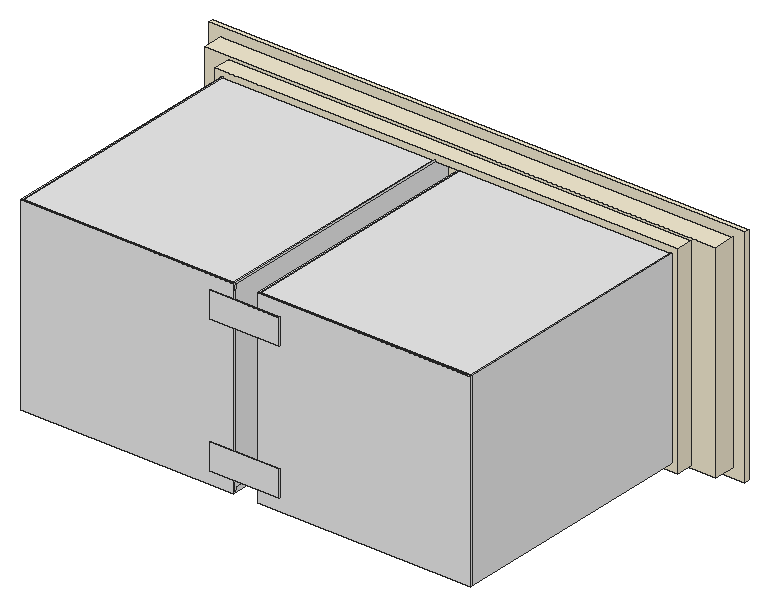
Revit family "Mailboxes_4C-Salsbury_Industries-Front_Load-3_Door_High_Units", category Specialty Equipment, host Wall, Revit 2016
Family settings
  Host = Wall
  Part Type = Normal
  Round Connector Dimension = Use Diameter
  OmniClass Number = 23.40.90.14.11
  OmniClass Title = Mail Boxes
  Always vertical = Yes
  Cut with Voids When Loaded = No
  Shared = No
  Room Calculation Point = No
Parameters (values of type "3703D-04 FL")
  Width = 31.09766"
  URL = "www.mailboxes.com"
  OmniClass 23 Title = "Mail Boxes"
  OmniClass 23 Number = "23.40.90.14.11"
  Visible Door Number [instance] = yes
  Vertical Center Divider = yes
  Version = "3.0 (06/30/17)"
  Type Comments = "4C Standard Horizontal Mailbox - Front Loading"
  Top Back Plate = yes
  Right Inside Wall = yes
  Model = "3703D-04 FL"
  MasterFormat Title = "Postal Specialties"
  MasterFormat Number = "10 55 00"
  Manufacturer = "Salsbury Industries"
  Lock Material = Stainless Steel - Salsbury Finish -  Polished
  Left Inside Wall = yes
  Keynote = ""
  Height = 13.000"
  Front Panel Material [instance] = Paint - Salsbury Finish - Sandstone
  Door Slot R3 Number [instance] = "0"
  Door Slot R3 = 3700 Series 4C OM2 Configuration : OM2-FL
  Door Slot R2 Number [instance] = "0"
  Door Slot R2 = 3700 Series 4C Door Configurations : Empty
  Door Slot R1 Number [instance] = "4"
  Door Slot R1 = 3700 Series 4C Door Configurations : MB1 Door
  Door Slot L3 Number [instance] = "3"
  Door Slot L3 = 3700 Series 4C Door Configurations : MB1 Door w/ Divider
  Door Slot L2 Number [instance] = "2"
  Door Slot L2 = 3700 Series 4C Door Configurations : MB1 Door w/ Divider
  Door Slot L1 Number [instance] = "1"
  Door Slot L1 = 3700 Series 4C Door Configurations : MB1 Door
  Description = "3 Door High Unit:  4 MB1, OM2"
  Depth = 17.025"
  Center Extrusion Offset [instance] = 0.000"
  Bottom Back Plate = yes
  Back Enclosure Material = Aluminum - Salsbury Finish - Anodized
  Assembly Description = "Mailboxes"
  Assembly Code = "C1030910"
  Above Finished Floor (AFF-Bottom of Unit) [instance] = 26.683"
  Above Finished Floor (AFF-Bottom Shelf) [instance] = 28.000"
Reference planes (in)
  plane 1 "Wall Centerline": y = 0
  plane 2 "Center (Left/Right)": x = 0
  plane 3 "Front": y = 3
  plane 4 "15" AFF": z = 28
  plane 5 "28" AFF": z = 28
  plane 6 "36" AFF": z = 36
  plane 7 "48" AFF": z = 48
  plane 8 "Bottom of Unit": z = 26.683
  plane 9 "Top of Unit": z = 39.683
  plane 10 "Left Side of Unit": x = 15.54883
  plane 11 "Right Side of Unit": x = -15.54883
  plane 12 "28" AFF_Bottom of Unit": z = 26.683
  plane 13 "Top Horiz Trim Align": z = 38.85225
  plane 14 "Bottom Horiz Trim Align": z = 27.515
  plane 15 "Left Trim Align": x = 14.716
  plane 16 "Right Trim Align": x = -14.716
  plane 17 "Left Door Align": x = 14.06641
  plane 18 "Right Door Align": x = -14.06641
  plane 19 "Top Horiz Door Align": z = 38.26125
  plane 20 "Bottom Horiz Door Align": z = 28
  plane 21 "Front Face of Unit": y = 3.265
  plane 22 "Top Housing Align": z = 39.179
  plane 23 "Top Collar Align": z = 39.031
  plane 24 "Top Box Align": z = 38.676
  plane 25 "Vertical Housing Align": y = 1.795
  plane 26 "Vertical Collar Align": y = 0.795
  plane 27 "Back of Unit": y = -13.76
  plane 28 "Bottom Housing Align": z = 27.187
  plane 29 "Bottom Collar Align": z = 27.335
  plane 30 "Bottom Box Align": z = 27.75
  plane 31 "Door Alignment": y = 2.66809
  plane 32 "Right Housing Align": x = -14.84183
  plane 33 "Right Collar Align": x = -13.40883
  plane 34 "Right Box Side Align": x = -13.08083
  plane 35 "Left Housing Align": x = 14.84183
  plane 36 "Left Collar Align": x = 13.40883
  plane 37 "Left Side Box Align": x = 13.08083
  plane 38 "Top Back Plate Align": z = 37.897
  plane 39 "Bottom Back Plate Align": z = 28.499
  plane 40 "Back": y = -3
  plane 41 "RO Left Side": x = 15.17383
  plane 42 "RO Right Side": x = -15.17383
  plane 43 "RO Bottom": z = 27.058
  plane 44 "RO Top": z = 39.308
  plane 45 "Horiz Centerline": z = 42.04237
  plane 46: z = 27.885
  plane 47: x = 12.99983
  plane 48: x = 12.92758
  plane 49 "Center Extrusion": x = 0
  plane 50 "Center Extrusion Offset": x = 0
  plane 51 "Row 3 Top Align": z = 31.5
  plane 52 "Row 2 Top Align": z = 35
  plane 53 "Row 16 Top Align-Private": z = 31.5
  plane 54 "Row 15 Top Align-Private": z = 35
  plane 55 "Row 14 Top Align-Private": z = 38.5
  plane 56 "Row 13 Top Align-Private": z = 42
  plane 57 "Row 12 Top Align-Private": z = 45.5
  plane 58 "Row 11 Top Align-Private": z = 49
  plane 59 "Row 10 Top Align-Private": z = 52.25
  plane 60 "Row 9 Top Align-Private": z = 55.75
  plane 61 "Row 8 Top Align-Private": z = 59.25
  plane 62 "Top of Face Gap": z = 61.25
  plane 63 "Top Latch Align": z = 30.376
  plane 64 "Bottom Latch Align": z = 36.05
  plane 65 "Right Latch Align": x = -0.69183
  plane 66 "Left Latch Align": x = 0.69098
  plane 67 "Latch Alignment Edge": x = -15.54883
  plane 68: x = -12.92783
  plane 69: x = -12.99983
  plane 70: y = -13.84203
  plane 71: x = -2
  plane 72: x = -0.7705
  plane 73: x = 0.7705
  plane 74: x = 2
  plane 75: y = -13.67797
  plane 76: x = -0.69098
  plane 77: x = 0.69183
  plane 78: z = 36.397
  plane 79: z = 29.999
  plane 80: z = 38.31729
  plane 81: z = 28.41625
  plane 82: z = 27.446
  plane 83: z = 28.055
Forms (in)
  Extrusion 1, void
    sketch origin (0, 3, 0) x (1, 0, 0) y (0, 0, 1)
      loop
        line (15.17383, 39.308) -> (-15.17383, 39.308) -> (-15.17383, 27.058) -> (15.17383, 27.058) -> (15.17383, 39.308)
    from 0 to 15.27914
  Extrusion 2, solid, material "Paint - Salsbury Finish - Sandstone" <- "Front Panel Material"
    sketch origin (0, 3, 0) x (1, 0, 0) y (0, 0, 1)
      loop
        line (15.54883, 39.683) -> (-15.54883, 39.683) -> (-15.54883, 26.683) -> (15.54883, 26.683) -> (15.54883, 39.683)
    from -0.265 to 0
  Extrusion 3, void
    sketch origin (0, 3.265, 0.00774) x (0, 0, -1) y (-1, 0, 0)
      loop
        line (-38.84451, -14.716) -> (-27.50726, -14.716) -> (-27.50726, 14.716) -> (-38.84451, 14.716) -> (-38.84451, -14.716)
    from -0.265 to 0
  Extrusion 4, solid, material "Paint - Salsbury Finish - Sandstone" <- "Front Panel Material"
    sketch origin (14.98214, 3.265, -1.67978) x (0, 0, -1) y (-1, 0, 0)
      loop
        line (-40.53203, 29.69814) -> (-40.53203, 29.04855) -> (-29.19478, 29.04855) -> (-29.19478, 29.69814) -> (-40.53203, 29.69814)
    from 0 to -0.265
  Extrusion 5, solid, material "Paint - Salsbury Finish - Sandstone" <- "Front Panel Material"
    sketch origin (0, 3.265, 0) x (0, 0, -1) y (-1, 0, 0)
      loop
        line (-27.515, -14.06641) -> (-27.515, 14.06641) -> (-28, 14.06641) -> (-28, -14.06641) -> (-27.515, -14.06641)
    from -0.265 to 0
  Extrusion 6, solid, material "Paint - Salsbury Finish - Sandstone" <- "Front Panel Material"
    sketch origin (0, 3, 84.08475) x (1, 0, 0) y (0, 0, 1)
      loop
        line (-14.84183, -56.89775) -> (14.84183, -56.89775) -> (14.84183, -44.90575) -> (-14.84183, -44.90575) -> (-14.84183, -56.89775)
    from 0 to 1.205
  Extrusion 7, solid, material "Paint - Salsbury Finish - Sandstone" <- "Front Panel Material"
    sketch origin (0, 1.795, 0) x (0, 0, 1) y (-1, 0, 0)
      loop
        line (27.335, 13.40883) -> (27.335, -13.40883) -> (39.031, -13.40883) -> (39.031, 13.40883) -> (27.335, 13.40883)
    from 0 to 1
  Extrusion 8, void
    sketch origin (0, 1.795, 0) x (0, 0, 1) y (-1, 0, 0)
      loop
        line (38.676, 13.08083) -> (27.75, 13.08083) -> (27.75, -13.08083) -> (38.676, -13.08083) -> (38.676, 13.08083)
    from 0 to 1
  Extrusion 9, solid, material "Paint - Salsbury Finish - Sandstone" <- "Front Panel Material"
    sketch origin (0, 3.265, 0) x (0, 0, -1) y (-1, 0, 0)
      loop
        line (-38.85225, -14.716) -> (-27.515, -14.716) -> (-27.515, -14.06641) -> (-38.85225, -14.06641) -> (-38.85225, -14.716)
    from 0 to -0.265
  Extrusion 10, solid, material "Paint - Salsbury Finish - Sandstone" <- "Front Panel Material"
    sketch origin (0, 3.265, 0) x (0, 0, -1) y (-1, 0, 0)
      loop
        line (-38.85225, -14.06641) -> (-38.26125, -14.06641) -> (-38.26125, 14.06641) -> (-38.85225, 14.06641) -> (-38.85225, -14.06641)
    from -0.265 to 0
  Extrusion 11, void
    sketch origin (0, 1.795, 0) x (0, 0, 1) y (-1, 0, 0)
      loop
        line (39.031, -13.40883) -> (39.031, 13.40883) -> (27.335, 13.40883) -> (27.335, -13.40883) -> (39.031, -13.40883)
    from -1.124 to 0
  Extrusion 12, void
    sketch origin (0, 3, 0) x (1, 0, 0) y (0, 0, 1)
      loop
        line (14.06641, 39.031) -> (-14.06641, 39.031) -> (-14.06641, 27.335) -> (14.06641, 27.335) -> (14.06641, 39.031)
    from 0 to 0.33191
  Extrusion 13, solid, material "Aluminum - Salsbury Finish - Anodized" <- "Back Enclosure Material"
    sketch origin (-0.58189, 1.795, 0) x (0, 0, 1) y (-1, 0, 0)
      loop
        line (38.676, 12.49894) -> (27.75, 12.49894) -> (27.75, 12.41794) -> (38.676, 12.41794) -> (38.676, 12.49894)
    from 0 to 15.47297
  Extrusion 14, solid, material "Aluminum - Salsbury Finish - Anodized" <- "Back Enclosure Material", visible <- "Right Inside Wall"
    sketch origin (11.7675, 1.795, 0) x (0, 0, 1) y (-1, 0, 0)
      loop
        line (38.676, 12.538) -> (27.75, 12.538) -> (27.75, 12.45933) -> (38.676, 12.45933) -> (38.676, 12.538)
    from 0 to 15.47297
  Extrusion 15, solid, material "Aluminum - Salsbury Finish - Anodized" <- "Back Enclosure Material"
    sketch origin (0.54283, 1.795, 0) x (0, 0, 1) y (-1, 0, 0)
      loop
        line (38.676, -12.538) -> (38.676, -12.457) -> (27.75, -12.457) -> (27.75, -12.538) -> (38.676, -12.538)
    from 0 to 15.47297
  Extrusion 16, solid, material "Aluminum - Salsbury Finish - Anodized" <- "Back Enclosure Material", visible <- "Left Inside Wall"
    sketch origin (-11.7675, 1.795, 0) x (0, 0, 1) y (-1, 0, 0)
      loop
        line (38.676, -12.538) -> (38.676, -12.45849) -> (27.75, -12.45849) -> (27.75, -12.538) -> (38.676, -12.538)
    from 0 to 15.47297
  Extrusion 17, solid, material "Aluminum - Salsbury Finish - Anodized" <- "Back Enclosure Material"
    sketch origin (0, -13.76, 0) x (0, 0, 1) y (-1, 0, 0)
      loop
        line (38.676, 13.08083) -> (27.75, 13.08083) -> (27.75, -13.08083) -> (38.676, -13.08083) -> (38.676, 13.08083)
    from -0.08203 to 0
  Extrusion 18, solid, material "Aluminum - Salsbury Finish - Anodized" <- "Back Enclosure Material"
    sketch origin (-0.15625, 0, 38.676) x (0, 1, 0) y (-1, 0, 0)
      loop
        line (1.795, 12.84358) -> (-13.67797, 12.84358) -> (-13.67797, -13.15608) -> (1.795, -13.15608) -> (1.795, 12.84358)
    from -0.35871 to 0
  Extrusion 19, void
    sketch origin (0, 0, 38.676) x (0, 1, 0) y (-1, 0, 0)
      loop
        line (1.7325, 12.93342) -> (-13.61547, 12.93342) -> (-13.61547, -12.92758) -> (1.7325, -12.92758) -> (1.7325, 12.93342)
    from -0.0723 to -0.6459
  Extrusion 20, solid, material "Aluminum - Salsbury Finish - Anodized" <- "Back Enclosure Material"
    sketch origin (0, 0, 15.41625) x (1, 0, 0) y (0, 1, 0)
      loop
        line (-12.99983, 1.795) -> (-12.99983, -13.67797) -> (12.99983, -13.67797) -> (12.99983, 1.795) -> (-12.99983, 1.795)
    from 12.46875 to 13
  Extrusion 21, void
    sketch origin (0, 0, 27.91625) x (1, 0, 0) y (0, 1, 0)
      loop
        line (-12.93342, 1.7325) -> (-12.93342, -13.61547) -> (12.92758, -13.61547) -> (12.92758, 1.7325) -> (-12.93342, 1.7325)
    from 0.13875 to -0.47025
  Extrusion 22, solid, material "Aluminum - Salsbury Finish - Anodized" <- "Back Enclosure Material", visible <- "Top Back Plate", detail levels medium+fine
    sketch origin (0, -13.76, 0) x (0, 0, 1) y (-1, 0, 0)
      loop
        line (37.897, 2) -> (36.397, 2) -> (36.397, -2) -> (37.897, -2) -> (37.897, 2)
    from 0 to 0.08203
  Extrusion 23, solid, material "Aluminum - Salsbury Finish - Anodized" <- "Back Enclosure Material", visible <- "Bottom Back Plate", detail levels medium+fine
    sketch origin (0, -13.76, 84.11475) x (0, 0, -1) y (1, 0, 0)
      loop
        line (55.61575, -2) -> (55.61575, 2) -> (54.11575, 2) -> (54.11575, -2) -> (55.61575, -2)
    from 0 to 0.08203
  Extrusion 24, void
    sketch origin (0, 0, 0) x (0, 0, -1) y (0, 1, 0)
      loop
        line (-38.676, 1.795) -> (-38.676, -13.76) -> (-27.75, -13.76) -> (-27.75, 1.795) -> (-27.515, 1.795) -> (-27.515, 3.265) -> (-38.85225, 3.265) -> (-38.85225, 1.795) -> (-38.676, 1.795)
    from -0.69098 to 0.69183
  Extrusion 25, solid, material "Paint - Salsbury Finish - Sandstone" <- "Front Panel Material", visible <- "Vertical Center Divider"
    sketch origin (-0.77934, 3.265, 0) x (0, 0, -1) y (-1, 0, 0)
      loop
        line (-38.85225, -1.47033) -> (-27.515, -1.47033) -> (-27.515, -0.08752) -> (-38.85225, -0.08752) -> (-38.85225, -1.47033)
    from 0 to -1.47
Cuts and joins
  Extrusion 3, Extrusion 11, Extrusion 24 cuts Extrusion 2
  Extrusion 8, Extrusion 11, Extrusion 12, Extrusion 24 cuts Extrusion 5
  Extrusion 8, Extrusion 12, Extrusion 19, Extrusion 24 cuts Extrusion 7
  Extrusion 11, Extrusion 12, Extrusion 24 cuts Extrusion 10
  Extrusion 11, Extrusion 12 cuts Extrusion 6
  Extrusion 12 cuts Extrusion 4
  Extrusion 12 cuts Extrusion 9
  Extrusion 19, Extrusion 21, Extrusion 24 cuts Extrusion 18
  Extrusion 21, Extrusion 24 cuts Extrusion 20
  Extrusion 24 cuts Extrusion 17
  Extrusion 24 cuts Extrusion 22
  Extrusion 24 cuts Extrusion 23
Lines and regions (in)
  model lines
    curve 1: line (15.54883, 3.265, 39.683) -> (14.716, 3.265, 38.85225)
    curve 2: line (-15.54883, 3.265, 39.683) -> (-14.716, 3.265, 38.85225)
    curve 3: line (-15.54883, 3.265, 26.683) -> (-14.716, 3.265, 27.515)
    curve 4: line (15.54883, 3.265, 26.683) -> (14.716, 3.265, 27.515)
  reference lines
    curve 5: line (-14.06641, 2.66809, 26.683) -> (-14.06641, 2.66809, 39.683)
    curve 6: line (14.06641, 2.66809, 26.683) -> (14.06641, 2.66809, 39.683)
  symbolic lines
    curve 7: line (-13.08083, -13.76, 28) -> (13.08083, -13.76, 28)
    curve 8: line (-13.08083, 0.795, 28) -> (-13.08083, -13.76, 28)
    curve 9: line (13.40883, 0.795, 28) -> (-13.40883, 0.795, 28)
    curve 10: line (13.08083, -13.76, 28) -> (13.08083, 0.795, 28)
    curve 11: line (13.40883, 0.795, 28) -> (13.40883, 1.795, 28)
    curve 12: line (-13.40883, 0.795, 28) -> (-13.40883, 1.795, 28)
    curve 13: line (-14.84183, 3, 28) -> (-14.84183, 1.795, 28)
    curve 14: line (-14.84183, 1.795, 28) -> (14.84183, 1.795, 28)
    curve 15: line (14.84183, 1.795, 28) -> (14.84183, 3, 28)
    curve 16: line (-15.54883, 3.265, 28) -> (15.54883, 3.265, 28)
    curve 17: line (-15.54883, 3, 28) -> (-15.54883, 3.265, 28)
    curve 18: line (15.54883, 3, 28) -> (-15.54883, 3, 28)
    curve 19: line (15.54883, 3.265, 28) -> (15.54883, 3, 28)
    curve 20: line (-14.06641, 3.265, 28) -> (-14.06641, 4.43, 28)
    curve 21: line (-14.06641, 4.43, 28) -> (-0.69183, 4.43, 28)
    curve 22: line (-0.69183, 4.43, 28) -> (-0.69183, 3.265, 28)
Text (in)
  text "Placement Side" at (0, 40.15149, 123.01588), in view "Right"
  text "Placement Side" at (-58.6842, 42.74981, 0), in view "Ref. Level"
  text "Placement Side" at (0, 47.49176, 140.59947), in view "Left"
Dimensions and locks (in)
  locked: plane 3 "Front" to host wall
  "Above Finished Floor (AFF-Bottom Shelf)": level to plane 4 "15" AFF"
  locked: level to plane 5 "28" AFF" at 28
  locked: level to plane 6 "36" AFF" at 36
  locked: level to plane 7 "48" AFF" at 48
  equal spacing: plane 11 "Right Side of Unit", plane 2 "Center (Left/Right)", plane 10 "Left Side of Unit"
  plane 8 "Bottom of Unit" to plane 4 "15" AFF" = 1.317"
  "Width": plane 11 "Right Side of Unit" to plane 10 "Left Side of Unit"
  "Height": plane 8 "Bottom of Unit" to plane 9 "Top of Unit"
  plane 12 "28" AFF_Bottom of Unit" to plane 5 "28" AFF" = 1.317"
  locked: plane 15 "Left Trim Align" to plane 10 "Left Side of Unit" at 0.83283
  locked: plane 16 "Right Trim Align" to plane 11 "Right Side of Unit" at 0.83283
  locked: plane 13 "Top Horiz Trim Align" to plane 9 "Top of Unit" at 0.83075
  locked: plane 8 "Bottom of Unit" to plane 14 "Bottom Horiz Trim Align" at 0.832
  plane 17 "Left Door Align" to plane 15 "Left Trim Align" = 0.64959"
  plane 18 "Right Door Align" to plane 16 "Right Trim Align" = 0.64959"
  locked: plane 19 "Top Horiz Door Align" to plane 13 "Top Horiz Trim Align" at 0.591
  locked: plane 14 "Bottom Horiz Trim Align" to plane 20 "Bottom Horiz Door Align" at 0.485
  plane 20 "Bottom Horiz Door Align" to level = 28.000"
  plane 5 "28" AFF" to level = 28.000"
  plane 6 "36" AFF" to level = 36.000"
  plane 7 "48" AFF" to level = 48.000"
  plane 9 "Top of Unit" to plane 8 "Bottom of Unit" = 13.000"
  plane 21 "Front Face of Unit" to host wall = 0.265"
  locked: host wall to plane 25 "Vertical Housing Align" at 1.205
  locked: plane 25 "Vertical Housing Align" to plane 26 "Vertical Collar Align" at 1
  plane 25 "Vertical Housing Align" to plane 27 "Back of Unit" = 15.555"
  "Depth": plane 21 "Front Face of Unit" to plane 27 "Back of Unit"
  locked: plane 9 "Top of Unit" to plane 22 "Top Housing Align" at 0.504
  locked: plane 22 "Top Housing Align" to plane 23 "Top Collar Align" at 0.148
  locked: plane 23 "Top Collar Align" to plane 24 "Top Box Align" at 0.355
  locked: plane 28 "Bottom Housing Align" to plane 8 "Bottom of Unit" at 0.504
  locked: plane 29 "Bottom Collar Align" to plane 28 "Bottom Housing Align" at 0.148
  locked: plane 30 "Bottom Box Align" to plane 29 "Bottom Collar Align" at 0.415
  plane 24 "Top Box Align" to plane 30 "Bottom Box Align" = 10.926"  (x2)
  locked: plane 21 "Front Face of Unit" to plane 31 "Door Alignment" at 0.59691
  plane 11 "Right Side of Unit" to plane 32 "Right Housing Align" to plane 33 "Right Collar Align" to plane 34 "Right Box Side Align" = 0.707" locked, 1.433" locked, 0.328" locked
  plane 37 "Left Side Box Align" to plane 36 "Left Collar Align" to plane 35 "Left Housing Align" to plane 10 "Left Side of Unit" = 0.328" locked, 1.433" locked, 0.707" locked
  plane 11 "Right Side of Unit" to plane 32 "Right Housing Align" to plane 33 "Right Collar Align" to plane 34 "Right Box Side Align" = 0.707", 1.433", 0.328"
  plane 37 "Left Side Box Align" to plane 36 "Left Collar Align" to plane 35 "Left Housing Align" to plane 10 "Left Side of Unit" = 0.328", 1.433", 0.707"
  plane 9 "Top of Unit" to plane 24 "Top Box Align" = 1.007"
  plane 30 "Bottom Box Align" to plane 8 "Bottom of Unit" = 1.067"
  locked: plane 24 "Top Box Align" to plane 38 "Top Back Plate Align" at 0.779
  locked: plane 39 "Bottom Back Plate Align" to plane 30 "Bottom Box Align" at 0.749
  locked: plane 41 "RO Left Side" to plane 10 "Left Side of Unit" at 0.375
  locked: plane 42 "RO Right Side" to plane 11 "Right Side of Unit" at 0.375
  locked: plane 8 "Bottom of Unit" to plane 43 "RO Bottom" at 0.375
  locked: plane 44 "RO Top" to plane 9 "Top of Unit" at 0.375
  Extrusion 13 to Extrusion 13 = 0.081"
  plane 46 to plane 30 "Bottom Box Align" = 0.135"
  Extrusion 15 to Extrusion 15 = 0.081"
  plane 47 to plane 37 "Left Side Box Align" = 0.081"
  plane 48 to plane 47 = 0.07225"
  plane 18 "Right Door Align" to plane 17 "Left Door Align" = 28.13281"
  "Center Extrusion Offset": plane 49 "Center Extrusion" to plane 50 "Center Extrusion Offset"
  plane 20 "Bottom Horiz Door Align" to plane 51 "Row 3 Top Align" to plane 52 "Row 2 Top Align" = 3.500", 3.500" locked
  plane 4 "15" AFF" to plane 53 "Row 16 Top Align-Private" = 3.500"
  plane 53 "Row 16 Top Align-Private" to plane 54 "Row 15 Top Align-Private" to plane 55 "Row 14 Top Align-Private" to plane 56 "Row 13 Top Align-Private" to plane 57 "Row 12 Top Align-Private" to plane 58 "Row 11 Top Align-Private" to plane 59 "Row 10 Top Align-Private" to plane 60 "Row 9 Top Align-Private" to plane 61 "Row 8 Top Align-Private" = 3.500" locked, 3.500" locked, 3.500" locked, 3.500" locked, 3.500" locked, 3.250" locked, 3.500" locked, 3.500" locked
  locked: plane 61 "Row 8 Top Align-Private" to plane 62 "Top of Face Gap" at 2
  "Above Finished Floor (AFF-Bottom of Unit)": level to plane 8 "Bottom of Unit"
  locked: plane 65 "Right Latch Align" to plane 66 "Left Latch Align" at 1.38281
  plane 24 "Top Box Align" to plane 63 "Top Latch Align" = 8.300"
  plane 64 "Bottom Latch Align" to plane 30 "Bottom Box Align" = 8.300"
  plane 67 "Latch Alignment Edge" to plane 65 "Right Latch Align" = 14.857"
  curve 15 to curve 19 = 0.707"
  plane 34 "Right Box Side Align" to plane 69 to plane 68 = 0.081", 0.072"
  plane 70 to plane 27 "Back of Unit" = 0.08203"
  plane 27 "Back of Unit" to plane 75 = 0.08203"
  cut or joined group of Extrusion 6, Extrusion 11, Extrusion 12 to Extrusion 25 = 11.66525"
  plane 71 to plane 72 to plane 65 "Right Latch Align" to plane 50 "Center Extrusion Offset" = 1.2295", 0.07867", 0.69183"
  plane 50 "Center Extrusion Offset" to plane 66 "Left Latch Align" to plane 73 to plane 74 = 0.69098", 0.07952", 1.2295"
  plane 76 to plane 49 "Center Extrusion" to plane 77 = 0.69098" locked, 0.69183" locked
  plane 11 "Right Side of Unit" to Extrusion 2 = 31.09766"
  plane 10 "Left Side of Unit" to Extrusion 6 = 30.39066"
  plane 38 "Top Back Plate Align" to plane 78 = 1.500"
  plane 79 to plane 39 "Bottom Back Plate Align" = 1.500"
  plane 4 "15" AFF" to Extrusion 13 = 10.676"
  plane 4 "15" AFF" to Extrusion 14 = 10.676"
  Extrusion 14 to Extrusion 16 = 10.926"
  Extrusion 16 to Extrusion 15 = 10.926"
  locked: plane 80 to plane 24 "Top Box Align" at 0.35871
  plane 14 "Bottom Horiz Trim Align" to plane 81 = 0.90125"
  plane 82 to plane 30 "Bottom Box Align" to plane 83 = 0.304" locked, 0.305" locked
  aligned and locked: plane 8 "Bottom of Unit" to Extrusion 2 sketch curve
  aligned and locked: plane 10 "Left Side of Unit" to Extrusion 2 sketch curve
  aligned and locked: Extrusion 2 sketch curve to plane 11 "Right Side of Unit"
  aligned and locked: Extrusion 2 sketch curve to plane 9 "Top of Unit"
  aligned and locked: plane 21 "Front Face of Unit" to Extrusion 2
  aligned and locked: Extrusion 4 to plane 16 "Right Trim Align"
  aligned and locked: plane 18 "Right Door Align" to Extrusion 4
  aligned and locked: plane 13 "Top Horiz Trim Align" to Extrusion 4
  aligned and locked: Extrusion 5 to plane 14 "Bottom Horiz Trim Align"
  aligned and locked: Extrusion 5 to plane 17 "Left Door Align"
  aligned and locked: plane 20 "Bottom Horiz Door Align" to Extrusion 5
  aligned and locked: Extrusion 5 to plane 18 "Right Door Align"
  aligned and locked: plane 34 "Right Box Side Align" to Extrusion 17 sketch curve
  aligned and locked: Extrusion 17 sketch curve to plane 24 "Top Box Align"
  aligned and locked: Extrusion 17 sketch curve to plane 37 "Left Side Box Align"
  aligned and locked: plane 30 "Bottom Box Align" to Extrusion 17 sketch curve
  aligned and locked: plane 25 "Vertical Housing Align" to Extrusion 18 sketch curve
  aligned and locked: Extrusion 18 sketch curve to plane 47
  aligned and locked: plane 48 to Extrusion 19
  aligned and locked: plane 47 to cut or joined group of Extrusion 18, Extrusion 19, Extrusion 21, Extrusion 24
  aligned and locked: plane 25 "Vertical Housing Align" to Extrusion 20 sketch curve
  aligned and locked: Extrusion 20 sketch curve to plane 47
  aligned and locked: plane 48 to cut or joined group of Extrusion 20, Extrusion 21, Extrusion 24
  aligned and locked: plane 17 "Left Door Align" to cut or joined group of Extrusion 9, Extrusion 12
  aligned and locked: plane 25 "Vertical Housing Align" to Extrusion 25
  aligned and locked: plane 21 "Front Face of Unit" to Extrusion 25
  aligned and locked: nested 1 to plane 52 "Row 2 Top Align"
  aligned and locked: nested 4 to plane 17 "Left Door Align"
  aligned and locked: nested 4 to plane 52 "Row 2 Top Align"
  aligned and locked: plane 31 "Door Alignment" to nested 4  (x2)
  aligned and locked: nested 5 to plane 17 "Left Door Align"
  aligned and locked: nested 5 to plane 51 "Row 3 Top Align"
  aligned and locked: plane 31 "Door Alignment" to nested 5  (x2)
  aligned and locked: nested 3 to curve 5
  aligned and locked: nested 6 to curve 6
  aligned and locked: nested 5 to curve 6
  aligned and locked: nested 4 to curve 6
  aligned and locked: plane 31 "Door Alignment" to nested 3
  aligned and locked: plane 31 "Door Alignment" to nested 6
  aligned and locked: plane 31 "Door Alignment" to nested 2
  aligned and locked: nested 1 to curve 5
  aligned and locked: nested 2 to curve 5
  aligned and locked: plane 31 "Door Alignment" to nested 1
  aligned and locked: plane 11 "Right Side of Unit" to plane 67 "Latch Alignment Edge"
  aligned and locked: plane 37 "Left Side Box Align" to curve 10
  aligned and locked: plane 27 "Back of Unit" to curve 7
  aligned and locked: curve 8 to plane 34 "Right Box Side Align"
  aligned and locked: curve 9 to plane 26 "Vertical Collar Align"
  aligned and locked: curve 13 to cut or joined group of Extrusion 6, Extrusion 11, Extrusion 12
  aligned and locked: curve 14 to cut or joined group of Extrusion 6, Extrusion 11, Extrusion 12
  aligned and locked: curve 15 to cut or joined group of Extrusion 6, Extrusion 11, Extrusion 12
  aligned and locked: nested 1 to curve 20
  aligned and locked: plane 65 "Right Latch Align" to curve 22
  aligned and locked: plane 21 "Front Face of Unit" to cut or joined group of Extrusion 2, Extrusion 3, Extrusion 11, Extrusion 24
  aligned and locked: plane 3 "Front" to cut or joined group of Extrusion 2, Extrusion 3, Extrusion 11, Extrusion 24
  aligned and locked: plane 35 "Left Housing Align" to cut or joined group of Extrusion 6, Extrusion 11, Extrusion 12  (x2)
  aligned and locked: plane 25 "Vertical Housing Align" to cut or joined group of Extrusion 6, Extrusion 11, Extrusion 12
  aligned and locked: cut or joined group of Extrusion 6, Extrusion 11, Extrusion 12 to plane 3 "Front"
  aligned and locked: cut or joined group of Extrusion 6, Extrusion 11, Extrusion 12 to plane 32 "Right Housing Align"
  aligned and locked: plane 26 "Vertical Collar Align" to cut or joined group of Extrusion 7, Extrusion 8, Extrusion 12, Extrusion 19, Extrusion 24
  aligned and locked: cut or joined group of Extrusion 7, Extrusion 8, Extrusion 12, Extrusion 19, Extrusion 24 to plane 33 "Right Collar Align"
  aligned and locked: cut or joined group of Extrusion 7, Extrusion 8, Extrusion 12, Extrusion 19, Extrusion 24 to plane 25 "Vertical Housing Align"
  aligned and locked: plane 36 "Left Collar Align" to cut or joined group of Extrusion 7, Extrusion 8, Extrusion 12, Extrusion 19, Extrusion 24
  aligned and locked: plane 37 "Left Side Box Align" to Extrusion 15
  aligned and locked: Extrusion 15 to plane 47  (x2)
  aligned and locked: plane 27 "Back of Unit" to cut or joined group of Extrusion 17, Extrusion 24
  aligned and locked: Extrusion 13 to plane 34 "Right Box Side Align"
  aligned and locked: plane 37 "Left Side Box Align" to cut or joined group of Extrusion 17, Extrusion 24
  aligned and locked: plane 69 to Extrusion 13
  aligned and locked: cut or joined group of Extrusion 18, Extrusion 19, Extrusion 21, Extrusion 24 to plane 69
  aligned and locked: plane 70 to cut or joined group of Extrusion 22, Extrusion 24
  aligned and locked: plane 70 to cut or joined group of Extrusion 23, Extrusion 24
  aligned and locked: cut or joined group of Extrusion 22, Extrusion 24 to plane 27 "Back of Unit"
  aligned and locked: cut or joined group of Extrusion 23, Extrusion 24 to plane 27 "Back of Unit"
  aligned and locked: plane 73 to Extrusion 16
  aligned and locked: Extrusion 14 to plane 72
  aligned and locked: plane 74 to cut or joined group of Extrusion 22, Extrusion 24
  aligned and locked: plane 71 to cut or joined group of Extrusion 22, Extrusion 24  (x2)
  aligned and locked: plane 71 to cut or joined group of Extrusion 23, Extrusion 24  (x2)
  aligned and locked: cut or joined group of Extrusion 23, Extrusion 24 to plane 74  (x2)
  aligned and locked: plane 75 to cut or joined group of Extrusion 17, Extrusion 24
  aligned and locked: plane 75 to cut or joined group of Extrusion 18, Extrusion 19, Extrusion 21, Extrusion 24
  aligned and locked: Extrusion 15 to plane 25 "Vertical Housing Align"
  aligned and locked: Extrusion 16 to plane 25 "Vertical Housing Align"
  aligned and locked: Extrusion 14 to plane 25 "Vertical Housing Align"
  aligned and locked: Extrusion 13 to plane 25 "Vertical Housing Align"
  aligned and locked: plane 75 to Extrusion 15
  aligned and locked: plane 75 to Extrusion 16
  aligned and locked: plane 75 to Extrusion 14
  aligned and locked: plane 75 to Extrusion 13
  aligned and locked: Extrusion 14 to plane 65 "Right Latch Align"
  aligned and locked: plane 13 "Top Horiz Trim Align" to cut or joined group of Extrusion 9, Extrusion 12
  aligned and locked: cut or joined group of Extrusion 9, Extrusion 12 to plane 15 "Left Trim Align"
  aligned and locked: cut or joined group of Extrusion 9, Extrusion 12 to plane 14 "Bottom Horiz Trim Align"
  aligned and locked: cut or joined group of Extrusion 4, Extrusion 12 to plane 14 "Bottom Horiz Trim Align"
  aligned and locked: cut or joined group of Extrusion 10, Extrusion 11, Extrusion 12, Extrusion 24 to plane 17 "Left Door Align"
  aligned and locked: cut or joined group of Extrusion 10, Extrusion 11, Extrusion 12, Extrusion 24 to plane 18 "Right Door Align"
  aligned and locked: cut or joined group of Extrusion 10, Extrusion 11, Extrusion 12, Extrusion 24 to plane 19 "Top Horiz Door Align"
  aligned and locked: plane 13 "Top Horiz Trim Align" to cut or joined group of Extrusion 10, Extrusion 11, Extrusion 12, Extrusion 24
  aligned and locked: plane 21 "Front Face of Unit" to cut or joined group of Extrusion 9, Extrusion 12
  aligned and locked: plane 3 "Front" to cut or joined group of Extrusion 9, Extrusion 12
  aligned and locked: plane 21 "Front Face of Unit" to cut or joined group of Extrusion 4, Extrusion 12
  aligned and locked: plane 3 "Front" to cut or joined group of Extrusion 4, Extrusion 12
  aligned and locked: plane 13 "Top Horiz Trim Align" to Extrusion 25
  aligned and locked: Extrusion 25 to plane 14 "Bottom Horiz Trim Align"
  aligned and locked: plane 65 "Right Latch Align" to Extrusion 25
  aligned and locked: Extrusion 25 to plane 66 "Left Latch Align"
  aligned and locked: plane 66 "Left Latch Align" to Extrusion 16
  aligned and locked: plane 76 to Extrusion 24
  aligned and locked: plane 77 to Extrusion 24
  aligned and locked: plane 27 "Back of Unit" to Extrusion 24
  aligned and locked: plane 21 "Front Face of Unit" to Extrusion 24
  aligned and locked: plane 9 "Top of Unit" to curve 5
  aligned and locked: plane 8 "Bottom of Unit" to curve 5
  aligned and locked: plane 8 "Bottom of Unit" to curve 6
  aligned and locked: curve 6 to plane 17 "Left Door Align"
  aligned and locked: plane 22 "Top Housing Align" to cut or joined group of Extrusion 6, Extrusion 11, Extrusion 12
  aligned and locked: plane 28 "Bottom Housing Align" to cut or joined group of Extrusion 6, Extrusion 11, Extrusion 12
  aligned and locked: cut or joined group of Extrusion 7, Extrusion 8, Extrusion 12, Extrusion 19, Extrusion 24 to plane 29 "Bottom Collar Align"
  aligned and locked: plane 23 "Top Collar Align" to cut or joined group of Extrusion 7, Extrusion 8, Extrusion 12, Extrusion 19, Extrusion 24
  aligned and locked: plane 10 "Left Side of Unit" to curve 1
  aligned and locked: plane 9 "Top of Unit" to curve 1
  aligned and locked: plane 15 "Left Trim Align" to curve 1
  aligned and locked: plane 13 "Top Horiz Trim Align" to curve 1
  aligned and locked: plane 11 "Right Side of Unit" to curve 2
  aligned and locked: plane 9 "Top of Unit" to curve 2
  aligned and locked: plane 16 "Right Trim Align" to curve 2
  aligned and locked: plane 13 "Top Horiz Trim Align" to curve 2
  aligned and locked: plane 10 "Left Side of Unit" to curve 4
  aligned and locked: plane 8 "Bottom of Unit" to curve 4
  aligned and locked: plane 15 "Left Trim Align" to curve 4
  aligned and locked: plane 14 "Bottom Horiz Trim Align" to curve 4
  aligned and locked: plane 8 "Bottom of Unit" to curve 3
  aligned and locked: plane 11 "Right Side of Unit" to curve 3
  aligned and locked: plane 16 "Right Trim Align" to curve 3
  aligned and locked: plane 14 "Bottom Horiz Trim Align" to curve 3
  aligned and locked: cut or joined group of Extrusion 22, Extrusion 24 to plane 38 "Top Back Plate Align"
  aligned and locked: cut or joined group of Extrusion 22, Extrusion 24 to plane 74
  aligned and locked: plane 78 to cut or joined group of Extrusion 22, Extrusion 24
  aligned and locked: cut or joined group of Extrusion 23, Extrusion 24 to plane 39 "Bottom Back Plate Align"
  aligned and locked: plane 79 to cut or joined group of Extrusion 23, Extrusion 24
  aligned and locked: plane 24 "Top Box Align" to Extrusion 13
  aligned and locked: Extrusion 13 to plane 30 "Bottom Box Align"
  aligned and locked: plane 24 "Top Box Align" to Extrusion 14
  aligned and locked: Extrusion 14 to plane 30 "Bottom Box Align"
  aligned and locked: Extrusion 16 to plane 30 "Bottom Box Align"
  aligned and locked: plane 24 "Top Box Align" to Extrusion 16
  aligned and locked: plane 24 "Top Box Align" to Extrusion 15
  aligned and locked: Extrusion 15 to plane 30 "Bottom Box Align"
  aligned and locked: plane 24 "Top Box Align" to cut or joined group of Extrusion 18, Extrusion 19, Extrusion 21, Extrusion 24
  aligned and locked: plane 80 to cut or joined group of Extrusion 18, Extrusion 19, Extrusion 21, Extrusion 24
  aligned and locked: cut or joined group of Extrusion 20, Extrusion 21, Extrusion 24 to plane 46
  aligned and locked: plane 81 to cut or joined group of Extrusion 20, Extrusion 21, Extrusion 24
  aligned and locked: plane 75 to cut or joined group of Extrusion 20, Extrusion 21, Extrusion 24
  aligned and locked: cut or joined group of Extrusion 20, Extrusion 21, Extrusion 24 to plane 69
  aligned and locked: plane 21 "Front Face of Unit" to cut or joined group of Extrusion 5, Extrusion 8, Extrusion 11, Extrusion 12, Extrusion 24
  aligned and locked: plane 3 "Front" to cut or joined group of Extrusion 5, Extrusion 8, Extrusion 11, Extrusion 12, Extrusion 24
  aligned and locked: plane 21 "Front Face of Unit" to cut or joined group of Extrusion 10, Extrusion 11, Extrusion 12, Extrusion 24
  aligned and locked: plane 3 "Front" to cut or joined group of Extrusion 10, Extrusion 11, Extrusion 12, Extrusion 24
  aligned and locked: plane 51 "Row 3 Top Align" to nested 2
  aligned and locked: plane 20 "Bottom Horiz Door Align" to nested 3
  aligned and locked: plane 20 "Bottom Horiz Door Align" to nested 6
  aligned and locked: Extrusion 21 to plane 83
  aligned and locked: plane 82 to Extrusion 21
Automatic sketch dimensions
  Extrusion 1 sketch curve to plane 42 "RO Right Side" = 0.000"
  plane 41 "RO Left Side" to Extrusion 1 sketch curve = 0.000"
  Extrusion 1 sketch curve to plane 43 "RO Bottom" = 0.000"
  Extrusion 1 sketch curve to plane 44 "RO Top" = 0.000"
  Extrusion 6 sketch curve to plane 22 "Top Housing Align" = 0.000"
  plane 32 "Right Housing Align" to Extrusion 6 sketch curve = 0.000"
  Extrusion 6 sketch curve to plane 35 "Left Housing Align" = 0.000"
  Extrusion 6 sketch curve to plane 28 "Bottom Housing Align" = 0.000"
  Extrusion 7 sketch curve to plane 29 "Bottom Collar Align" = 0.000"
  plane 23 "Top Collar Align" to Extrusion 7 sketch curve = 0.000"
  plane 36 "Left Collar Align" to Extrusion 7 sketch curve = 0.000"
  Extrusion 7 sketch curve to plane 33 "Right Collar Align" = 0.000"
  Extrusion 8 sketch curve to plane 30 "Bottom Box Align" = 0.000"
  Extrusion 8 sketch curve to plane 24 "Top Box Align" = 0.000"
  Extrusion 8 sketch curve to plane 37 "Left Side Box Align" = 0.000"
  plane 34 "Right Box Side Align" to Extrusion 8 sketch curve = 0.000"
  Extrusion 11 sketch curve to plane 29 "Bottom Collar Align" = 0.000"
  Extrusion 11 sketch curve to plane 23 "Top Collar Align" = 0.000"
  plane 36 "Left Collar Align" to Extrusion 11 sketch curve = 0.000"
  plane 33 "Right Collar Align" to Extrusion 11 sketch curve = 0.000"
  Extrusion 13 sketch curve to plane 30 "Bottom Box Align" = 0.000"
  plane 24 "Top Box Align" to Extrusion 13 sketch curve = 0.000"
  Extrusion 13 sketch curve to plane 34 "Right Box Side Align" = 0.000"
  Extrusion 13 sketch curve to Extrusion 13 sketch curve = 0.081"
  plane 30 "Bottom Box Align" to Extrusion 15 sketch curve = 0.000"
  Extrusion 15 sketch curve to plane 24 "Top Box Align" = 0.000"
  plane 37 "Left Side Box Align" to Extrusion 15 sketch curve = 0.000"
  plane 37 "Left Side Box Align" to Extrusion 15 sketch curve = 0.081"
  Extrusion 18 sketch curve to plane 27 "Back of Unit" = 0.08203"
  plane 34 "Right Box Side Align" to Extrusion 18 sketch curve = 0.081"
  plane 34 "Right Box Side Align" to Extrusion 20 sketch curve = 0.081"
  Extrusion 20 sketch curve to plane 27 "Back of Unit" = 0.08203"
  Extrusion 3 sketch curve to plane 13 "Top Horiz Trim Align" = 0.000"
  Extrusion 3 sketch curve to plane 14 "Bottom Horiz Trim Align" = 0.000"
  plane 15 "Left Trim Align" to Extrusion 3 sketch curve = 0.000"
  Extrusion 3 sketch curve to plane 16 "Right Trim Align" = 0.000"
  Extrusion 4 sketch curve to plane 13 "Top Horiz Trim Align" = 0.000"
  plane 14 "Bottom Horiz Trim Align" to Extrusion 4 sketch curve = 0.000"
  plane 16 "Right Trim Align" to Extrusion 4 sketch curve = 0.000"
  Extrusion 4 sketch curve to plane 18 "Right Door Align" = 0.000"
  plane 13 "Top Horiz Trim Align" to Extrusion 9 sketch curve = 0.000"
  Extrusion 9 sketch curve to plane 14 "Bottom Horiz Trim Align" = 0.000"
  Extrusion 9 sketch curve to plane 15 "Left Trim Align" = 0.000"
  plane 17 "Left Door Align" to Extrusion 9 sketch curve = 0.000"
  plane 13 "Top Horiz Trim Align" to Extrusion 10 sketch curve = 0.000"
  Extrusion 10 sketch curve to plane 17 "Left Door Align" = 0.000"
  Extrusion 10 sketch curve to plane 18 "Right Door Align" = 0.000"
  Extrusion 10 sketch curve to plane 19 "Top Horiz Door Align" = 0.000"
  Extrusion 12 sketch curve to plane 18 "Right Door Align" = 0.000"
  plane 17 "Left Door Align" to Extrusion 12 sketch curve = 0.000"
  Extrusion 12 sketch curve to plane 29 "Bottom Collar Align" = 0.000"
  Extrusion 12 sketch curve to plane 23 "Top Collar Align" = 0.000"
  Extrusion 14 sketch curve to plane 30 "Bottom Box Align" = 0.000"
  plane 24 "Top Box Align" to Extrusion 14 sketch curve = 0.000"
  Extrusion 14 sketch curve to plane 2 "Center (Left/Right)" = 0.69183"
  Extrusion 14 sketch curve to Extrusion 14 sketch curve = 0.07867"
  plane 30 "Bottom Box Align" to Extrusion 16 sketch curve = 0.000"
  Extrusion 16 sketch curve to plane 24 "Top Box Align" = 0.000"
  Extrusion 16 sketch curve to plane 2 "Center (Left/Right)" = 0.69098"
  Extrusion 16 sketch curve to Extrusion 16 sketch curve = 0.07952"
  Extrusion 19 sketch curve to plane 48 = 0.000"
  Extrusion 19 sketch curve to plane 27 "Back of Unit" = 0.14453"
  plane 25 "Vertical Housing Align" to Extrusion 19 sketch curve = 0.0625"
  plane 34 "Right Box Side Align" to Extrusion 19 sketch curve = 0.14741"
  Extrusion 21 sketch curve to plane 48 = 0.000"
  plane 25 "Vertical Housing Align" to Extrusion 21 sketch curve = 0.0625"
  plane 34 "Right Box Side Align" to Extrusion 21 sketch curve = 0.14741"
  Extrusion 21 sketch curve to plane 27 "Back of Unit" = 0.14453"
  Extrusion 22 sketch curve to plane 38 "Top Back Plate Align" = 0.000"
  plane 38 "Top Back Plate Align" to Extrusion 22 sketch curve = 1.500"
  plane 2 "Center (Left/Right)" to Extrusion 22 sketch curve = 2.000"
  Extrusion 22 sketch curve to plane 2 "Center (Left/Right)" = 2.000"
  Extrusion 23 sketch curve to plane 39 "Bottom Back Plate Align" = 0.000"
  Extrusion 23 sketch curve to plane 39 "Bottom Back Plate Align" = 1.500"
  Extrusion 23 sketch curve to plane 2 "Center (Left/Right)" = 2.000"
  plane 2 "Center (Left/Right)" to Extrusion 23 sketch curve = 2.000"
  plane 13 "Top Horiz Trim Align" to Extrusion 25 sketch curve = 0.000"
  Extrusion 25 sketch curve to plane 14 "Bottom Horiz Trim Align" = 0.000"
  plane 2 "Center (Left/Right)" to Extrusion 25 sketch curve = 0.69098"
  Extrusion 25 sketch curve to plane 2 "Center (Left/Right)" = 0.69183"
  plane 4 "15" AFF" to Extrusion 5 sketch curve = 0.000"
  Extrusion 5 sketch curve to plane 14 "Bottom Horiz Trim Align" = 0.000"
  Extrusion 5 sketch curve to plane 17 "Left Door Align" = 0.000"
  Extrusion 5 sketch curve to plane 18 "Right Door Align" = 0.000"
  curve 9 to plane 33 "Right Collar Align" = 0.000"
  curve 11 to plane 36 "Left Collar Align" = 0.000"
  plane 21 "Front Face of Unit" to curve 21 = 1.165"
  curve 18 to host wall = 0.000"
  curve 18 to plane 11 "Right Side of Unit" = 0.000"
  curve 16 to plane 21 "Front Face of Unit" = 0.000"
  Extrusion 24 sketch curve to plane 13 "Top Horiz Trim Align" = 0.000"
  Extrusion 24 sketch curve to plane 24 "Top Box Align" = 0.000"
  Extrusion 24 sketch curve to plane 27 "Back of Unit" = 0.000"
  Extrusion 24 sketch curve to plane 30 "Bottom Box Align" = 0.000"
  Extrusion 24 sketch curve to plane 14 "Bottom Horiz Trim Align" = 0.000"
  Extrusion 24 sketch curve to plane 25 "Vertical Housing Align" = 0.000"  (x2)
  Extrusion 24 sketch curve to plane 21 "Front Face of Unit" = 0.000"
  curve 6 to plane 9 "Top of Unit" = 0.000"
  curve 5 to plane 18 "Right Door Align" = 0.000"
Nested families (in)
  nested 1: "3700 Series 4C Door Configurations" at (-7.37891, 2.79505, 35) x (-1, 0, 0) z (0, 0, 1), type <- "Door Slot R1", Door Number <- "Door Slot R1 Number", type "MB1 Door"
    with Door Number "4"
  nested 2: "3700 Series 4C Door Configurations" at (-7.37891, 2.79505, 31.5) x (-1, 0, 0) z (0, 0, 1), type <- "Door Slot R2", Door Number <- "Door Slot R2 Number", type "Empty"
    with Door Number "0"
  nested 3: "3700 Series 4C OM2 Configuration" at (-7.37891, 2.79505, 28) x (-1, 0, 0) z (0, 0, 1), type <- "Door Slot R3", Door Number <- "Door Slot R3 Number", type "OM2-FL"
    with Door Number "0"
  nested 4: "3700 Series 4C Door Configurations" at (7.37891, 2.79505, 35) x (-1, 0, 0) z (0, 0, 1), type <- "Door Slot L1", Door Number <- "Door Slot L1 Number", type "MB1 Door"
    with Door Number "1"
  nested 5: "3700 Series 4C Door Configurations" at (7.37891, 2.79505, 31.5) x (-1, 0, 0) z (0, 0, 1), type <- "Door Slot L2", Door Number <- "Door Slot L2 Number", type "MB1 Door w/ Divider"
    with Door Number "2"
  nested 6: "3700 Series 4C Door Configurations" at (7.37891, 2.79505, 28) x (-1, 0, 0) z (0, 0, 1), type <- "Door Slot L3", Door Number <- "Door Slot L3 Number", type "MB1 Door w/ Divider"
    with Door Number "3"
Definition of nested family "3700 Series 4C Door Configurations"
  Parameters (values of type "MB3 Door")
    Weight = "15 lbs."
    Visible Door Number = yes
    URL = ""
    Model = "3700MB3"
    Manufacturer = "Salsbury Industries"
    Lock Material = none
    Inset Offset = 0.000"
    Front Panel Material = none
    Door Width = 13.375"
    Door Visibility-MB1 = yes
    Door Number [instance] = "101"
    Door Lock = yes
    Door Height = 10.23047"
    Door Divider = no
    Door Depth = 0.25391"
    Description = "MB3 Door for 3700 Series 4C Mailboxes"
    Cost = 0
    Center Lock-Vertical = 0.875"
    Center Lock-Horizontal = 1.61523"
  Types (11): name | Weight | Visible Door Number | Model | Inset Offset | Door Visibility-MB1 | Door Lock | Door Height | Door Divider | Description
    MB1 Door w/ Divider | "5 lbs." | yes | "3700MB1" | 0.000" | yes | yes | 3.23047" | yes | "MB1 Door for 3700 Series 4C Mailboxes"
    MB1 Door | "5 lbs." | yes | "3700MB1" | 0.000" | yes | yes | 3.23047" | no | "MB1 Door for 3700 Series 4C Mailboxes"
    MB2 Door | "10 lbs." | yes | "3700MB2" | 0.000" | yes | yes | 6.73047" | no | "MB2 Door for 3700 Series 4C Mailboxes"
    MB2 Door w/ Divider | "10 lbs." | yes | "3700MB2" | 0.000" | yes | yes | 6.73047" | yes | "MB2 Door for 3700 Series 4C Mailboxes"
    MB3 Door | "15 lbs." | yes | "3700MB3" | 0.000" | yes | yes | 10.23047" | no | "MB3 Door for 3700 Series 4C Mailboxes"
    MB3 Door w/ Divider | "15 lbs." | yes | "3700MB3" | 0.000" | yes | yes | 10.23047" | yes | "MB3 Door for 3700 Series 4C Mailboxes"
    MB4 Door | "20 lbs." | yes | "3700MB4" | 0.000" | yes | yes | 13.73047" | no | "MB4 Door for 3700 Series 4C Mailboxes"
    MB4 Door w/ Divider | "20 lbs." | yes | "3700MB4" | 0.000" | yes | yes | 13.73047" | yes | "MB4 Door for 3700 Series 4C Mailboxes"
    Blank Door | "5 lbs." | no | "3700MB1" | 0.18359" | yes | no | 3.23047" | no | "MB1 Door for 3700 Series 4C Mailboxes"
    Blank Door w/ Divider | "5 lbs." | no | "3700MB1" | 0.18402" | yes | no | 3.23047" | yes | "MB1 Door for 3700 Series 4C Mailboxes"
    Empty | "5 lbs." | no | "Empty MB1" | 0.18359" | no | no | 3.23047" | no | "Empty MB1 Door for 3700 Series 4C Mailboxes"
  Reference planes (in)
    plane 1 "Center (Front/Back)": y = 0
    plane 2 "Bottom of Door": z = 0
    plane 3 "Center (Left/Right)": x = 0
    plane 4 "Left Side Face of Door": x = -6.6875
    plane 5 "Right Side Face of Door": x = 6.6875
    plane 6 "Back Face of Door": y = 0.12695
    plane 7 "Front Face of Door": y = -0.12695
    plane 8: z = 10.23047
    plane 9: z = 5.11523
    plane 10 "Face of Divider": y = -0.46995
    plane 11 "Center Lock Vertical": x = -5.8125
    plane 12 "Center Lock Horizontal": z = 1.61523
    plane 13 "Face of Lock": y = -0.42383
    plane 14 "Divider Height Align": z = 10.50047
    plane 15 "Inset Center": x = -0.0975
    plane 16 "Inset Offset": y = -0.12695
    plane 17: z = 5.49038
    plane 18: z = 4.74072
  Forms (in)
    Extrusion 1, solid, material <- "Front Panel Material", visible <- "Door Visibility-MB1"
      sketch origin (0, 0, 0) x (1, 0, 0) y (0, 1, 0)
        loop
          line (-6.4355, 0.12695) -> (-6.6875, -0.05445) -> (-6.6875, -0.12695) -> (6.05625, -0.12695)
          arc (6.05625, -0.12695) -> (6.19558, -0.17661) -> (6.27209, -0.3032) r 0.22029
          arc (6.27209, -0.3032) -> (6.3553, -0.42132) -> (6.4925, -0.46664) r 0.23034
          arc (6.4925, -0.46664) -> (6.63039, -0.40952) -> (6.6875, -0.27164) r 0.195
          line (6.6875, -0.27164) -> (6.6875, 0.12695) -> (-6.4355, 0.12695)
      from 0 to 10.23047
    Blend 2, solid, material <- "Lock Material", visible <- "Door Lock"
      base sketch origin (0, -0.12695, 0) x (-1, 0, 0) y (0, 0, 1)
        loop
          circle (5.8125, 5.11523) r 0.525
      top sketch origin (0, -0.12695, 0) x (-1, 0, 0) y (0, 0, 1)
        loop
          circle (5.8125, 5.11523) r 0.485
      from 0 to -0.29688
    Extrusion 3, solid, material <- "Front Panel Material", visible <- "Door Divider"
      sketch origin (0, 0, 10.50047) x (-1, 0, 0) y (0, -1, 0)
        loop
          line (6.6875, -0.12695) -> (6.6875, 0.46995) -> (-6.6875, 0.46995) -> (-6.6875, -0.12695) -> (6.6875, -0.12695)
      from -0.27 to 0
    Extrusion 4, void, detail levels fine
      sketch origin (0, -0.42383, 0) x (1, 0, 0) y (0, 0, 1)
        loop
          circle (-5.8125, 4.99523) r 0.285
      from 0 to -0.01562
    Extrusion 5, void, detail levels fine
      sketch origin (0, -0.42383, 0) x (1, 0, 0) y (0, 0, 1)
        loop
          line (-5.84183, 5.12353) -> (-5.84183, 4.82353) -> (-5.78183, 4.82353) -> (-5.78183, 5.12353) -> (-5.84183, 5.12353)
      from 0 to -0.03906
    Extrusion 6, void, detail levels fine
      sketch origin (0, -0.12695, 0) x (0, 0, 1) y (-1, 0, 0)
        loop
          arc (5.86523, 0.8475) -> (5.82862, 0.93589) -> (5.74023, 0.9725) r 0.125
          line (5.74023, 0.9725) -> (4.49023, 0.9725)
          arc (4.49023, 0.9725) -> (4.40185, 0.93589) -> (4.36523, 0.8475) r 0.125
          line (4.36523, 0.8475) -> (4.36523, -0.6525)
          arc (4.36523, -0.6525) -> (4.40185, -0.74089) -> (4.49023, -0.7775) r 0.125
          line (4.49023, -0.7775) -> (5.74023, -0.7775)
          arc (5.74023, -0.7775) -> (5.82862, -0.74089) -> (5.86523, -0.6525) r 0.125
          line (5.86523, -0.6525) -> (5.86523, 0.8475)
      from 0 to -0.03906
  Cuts and joins
    Extrusion 4, Extrusion 5 cuts Blend 2
    Extrusion 6 cuts Extrusion 1
  Lines and regions (in)
    symbolic lines
      curve 1: circle (-5.8125, 0, 5.11523) r 0.53054 normal (0, -1, 0)
  Dimensions and locks (in)
    equal spacing: plane 6 "Back Face of Door", plane 1 "Center (Front/Back)", plane 7 "Front Face of Door"
    "Door Depth": plane 6 "Back Face of Door" to plane 7 "Front Face of Door"
    equal spacing: plane 4 "Left Side Face of Door", plane 3 "Center (Left/Right)", plane 5 "Right Side Face of Door"  (x2)
    "Door Width": plane 4 "Left Side Face of Door" to plane 5 "Right Side Face of Door"
    locked: plane 7 "Front Face of Door" to plane 10 "Face of Divider" at 0.343
    "Center Lock-Vertical": plane 4 "Left Side Face of Door" to plane 11 "Center Lock Vertical"
    "Inset Offset": plane 16 "Inset Offset" to plane 7 "Front Face of Door"
    plane 4 "Left Side Face of Door" to plane 5 "Right Side Face of Door" = 13.375"
    plane 6 "Back Face of Door" to plane 10 "Face of Divider" = 0.59691"
    "Door Height": plane 8 to plane 2 "Bottom of Door"
    equal spacing: plane 8, plane 9, plane 2 "Bottom of Door"
    locked: plane 14 "Divider Height Align" to plane 8 at 0.27
    plane 17 to plane 9 to plane 18 = 0.37515" locked, 0.37452" locked
    aligned and locked: level to plane 2 "Bottom of Door"
    aligned and locked: plane 4 "Left Side Face of Door" to Extrusion 1
    aligned and locked: plane 6 "Back Face of Door" to Extrusion 1
    aligned and locked: plane 7 "Front Face of Door" to Extrusion 1
    aligned and locked: plane 8 to Extrusion 1
    aligned and locked: Extrusion 3 sketch curve to plane 4 "Left Side Face of Door"
    aligned and locked: Extrusion 3 sketch curve to plane 6 "Back Face of Door"
    aligned and locked: plane 5 "Right Side Face of Door" to Extrusion 3 sketch curve
    aligned and locked: Extrusion 3 to plane 8
    aligned and locked: plane 10 "Face of Divider" to Extrusion 3 sketch curve
    aligned and locked: plane 14 "Divider Height Align" to Extrusion 3
    aligned and locked: cut or joined group of Extrusion 1, Extrusion 6 to plane 2 "Bottom of Door"
    aligned and locked: plane 18 to text3d elem
  Automatic sketch dimensions
    Extrusion 1 sketch curve to plane 4 "Left Side Face of Door" = 0.000"
    Extrusion 1 sketch curve to plane 6 "Back Face of Door" = 0.000"
    Extrusion 1 sketch curve to plane 7 "Front Face of Door" = 0.000"
    Extrusion 1 sketch curve to plane 5 "Right Side Face of Door" = 0.000"
    Extrusion 1 sketch curve to plane 4 "Left Side Face of Door" = 0.252"
    plane 5 "Right Side Face of Door" to Extrusion 1 sketch curve = 0.63125"
    Extrusion 1 sketch curve to plane 7 "Front Face of Door" = 0.10935"
    plane 5 "Right Side Face of Door" to Extrusion 1 sketch curve = 0.195"
    Extrusion 1 sketch curve to plane 7 "Front Face of Door" = 0.14468"
    plane 10 "Face of Divider" to Extrusion 1 sketch curve = 0.12271"
    plane 1 "Center (Front/Back)" to Extrusion 1 sketch curve = 0.05445"
    plane 10 "Face of Divider" to Extrusion 1 sketch curve = 0.16676"
    Blend 2 sketch curve to plane 9 = 0.000"  (x2)
    plane 11 "Center Lock Vertical" to Blend 2 sketch curve = 0.000"  (x2)
    plane 11 "Center Lock Vertical" to Extrusion 4 sketch curve = 0.000"
    Extrusion 4 sketch curve to plane 9 = 0.120"
    Extrusion 4 sketch curve to Extrusion 4 sketch curve = 0.285"
    plane 11 "Center Lock Vertical" to Extrusion 5 sketch curve = 0.02933"
    Extrusion 5 sketch curve to plane 11 "Center Lock Vertical" = 0.03067"
    Extrusion 5 sketch curve to plane 9 = 0.2917"
    plane 9 to Extrusion 5 sketch curve = 0.0083"
    Extrusion 6 sketch curve to plane 9 = 0.750"
    Extrusion 6 sketch curve to Extrusion 6 sketch curve = 0.125"  (x3)
    plane 9 to Extrusion 6 sketch curve = 0.625"  (x2)
    plane 3 "Center (Left/Right)" to Extrusion 6 sketch curve = 0.7775"
    plane 15 "Inset Center" to Extrusion 6 sketch curve = 0.750"
    curve 1 to plane 9 = 0.000"
    plane 11 "Center Lock Vertical" to curve 1 = 0.000"
    radius of Blend 2 sketch curve = 0.525"
    radius of Blend 2 sketch curve = 0.485"
    radius of curve 1 = 0.53054"
Definition of nested family "3700 Series 4C OM2 Configuration"
  Parameters (values of type "OM2-FL")
    Weight = ""
    URL = ""
    Access Lock Offset = 0.000"
    Access Lock = yes
    Model = "3700OM2-FL"
    Manufacturer = "Salsbury Industries"
    Lock Material = none
    Front Panel Material = none
    Door Width = 13.375"
    Door Number [instance] = "101"
    Door Height = 7.00047"
    Door Depth = 0.25391"
    Description = "OM2 Door for 3700 Series 4C Mailboxes-Front Loading"
    Cost = 0
    Center Lock-Vertical = 2.360"
    Center Lock-Horizontal = 1.61523"
  Types (3): name | Access Lock Offset | Access Lock | Model | Description
    (no name) | 0.000" | yes | "3700OM2-FL" | "OM2 Door for 3700 Series 4C Mailboxes-Front Loading"
    OM2-FL | 0.000" | yes | "3700OM2-FL" | "OM2 Door for 3700 Series 4C Mailboxes-Front Loading"
    OM2-RL | 0.3125" | no | "3700OM2-RL" | "OM2 Door for 3700 Series 4C Mailboxes-Rear Loading"
  Reference planes (in)
    plane 1 "Center (Front/Back)": y = 0
    plane 2 "Bottom of Door": z = 0
    plane 3 "Center (Left/Right)": x = 0
    plane 4 "Left Side Face of Door": x = -6.6875
    plane 5 "Right Side Face of Door": x = 6.6875
    plane 6 "Back Face of Door": y = 0.12695
    plane 7 "Front Face of Door": y = -0.12695
    plane 8: z = 3.23047
    plane 9: z = 1.61523
    plane 10: y = -0.46995
    plane 11 "Center Lock Vertical": x = -4.3275
    plane 12 "Center Lock Horizontal": z = 1.61523
    plane 13 "Face of Lock": y = -0.42383
    plane 14 "Divider Height Align": z = 3.50047
    plane 15 "Plate Center": x = -0.16063
    plane 16 "Left Stud Align": x = -5.7025
    plane 17 "Right Stud Align": x = -2.8895
    plane 18 "Top Stud Align": z = 2.27147
    plane 19 "Bottom Stud Align": z = 0.95947
    plane 20 "Hinge Stud Align": x = 5.6875
    plane 21 "Mail Plate Top": z = 2.61547
    plane 22 "Mail Plate Bottom": z = 0.61547
    plane 23: x = -2.1595
    plane 24: x = 1.8405
    plane 25 "Face of Mail Plate": y = -0.16602
    plane 26 "Top of Mail Drop Door": z = 6.73094
    plane 27 "Top of Mail Drop Divider": z = 7.00047
    plane 28 "Face of Mail Drop": y = -0.31995
    plane 29 "Top of Mail Slot": z = 6.42087
    plane 30 "Bottom of Mail Slot": z = 5.67087
    plane 31 "Left Edge of Mail Slot": x = -5.3755
    plane 32 "Right Edge of Mail Slot": x = 5.3755
    plane 33 "Mail Slot Bottom Protusion": z = 6.50987
    plane 34: y = -0.49395
    plane 35: z = 6.15637
    plane 36 "Front of Awning": y = -1.63495
    plane 37: y = -1.15685
    plane 38 "Mail Slot Slope": through (-240, -0.44582, 6.9722) normal (0, -0.5, 0.866)
    plane 39 "Access Lock Offset": y = 0.12695
  Forms (in)
    Extrusion 1, solid, material <- "Front Panel Material"
      sketch origin (0, 0, 0) x (1, 0, 0) y (0, 1, 0)
        loop
          line (-6.4355, 0.12695) -> (-6.6875, -0.05445) -> (-6.6875, -0.12695) -> (6.05625, -0.12695)
          arc (6.05625, -0.12695) -> (6.19558, -0.17661) -> (6.27209, -0.3032) r 0.22029
          arc (6.27209, -0.3032) -> (6.3553, -0.42132) -> (6.4925, -0.46664) r 0.23034
          arc (6.4925, -0.46664) -> (6.63039, -0.40952) -> (6.6875, -0.27164) r 0.195
          line (6.6875, -0.27164) -> (6.6875, 0.12695) -> (-6.4355, 0.12695)
      from 0 to 3.23047
    Extrusion 2, solid, material <- "Front Panel Material"
      sketch origin (0, 0, 3.50047) x (-1, 0, 0) y (0, -1, 0)
        loop
          line (6.6875, -0.12695) -> (6.6875, 0.46995) -> (-6.6875, 0.46995) -> (-6.6875, -0.12695) -> (6.6875, -0.12695)
      from -0.27 to 0
    Extrusion 3, void
      sketch origin (0, 0.12695, 0) x (0, 0, -1) y (-1, 0, 0)
        loop
          circle (-1.61523, 4.3275) r 0.4375
      from 0 to -0.25391
    Extrusion 4, solid, material <- "Lock Material", visible <- "Access Lock"
      sketch origin (0, 0.12695, 0) x (0, 0, -1) y (-1, 0, 0)
        loop
          circle (-1.61523, 4.3275) r 0.42913
      from 0 to -0.25391
    Extrusion 5, void, detail levels fine
      sketch origin (0, 0.12695, 3.4) x (-1, 0, 0) y (0, 0, 1)
        loop
          line (4.3568, -1.47517) -> (4.2982, -1.47517) -> (4.2982, -2.09436) -> (4.3568, -2.09436) -> (4.3568, -1.47517)
      from -0.12695 to -0.25391
    Blend 6, solid, material <- "Front Panel Material", detail levels medium+fine
      base sketch origin (0, -0.12695, 2.68123) x (-1, 0, 0) y (0, 0, 1)
        loop
          circle (5.7025, -0.40977) r 0.15665
      top sketch origin (0, -0.12695, 2.68123) x (-1, 0, 0) y (0, 0, 1)
        loop
          circle (5.7025, -0.40977) r 0.3125
      from -0.11328 to 0
    Blend 7, solid, material <- "Front Panel Material", detail levels medium+fine
      base sketch origin (1.3125, -0.12695, 2.68123) x (-1, 0, 0) y (0, 0, 1)
        loop
          circle (4.202, -0.40977) r 0.15665
      top sketch origin (1.3125, -0.12695, 2.68123) x (-1, 0, 0) y (0, 0, 1)
        loop
          circle (4.202, -0.40977) r 0.3125
      from -0.11328 to 0
    Blend 8, solid, material <- "Front Panel Material", detail levels medium+fine
      base sketch origin (0, -0.12695, 1.36923) x (-1, 0, 0) y (0, 0, 1)
        loop
          circle (5.7025, -0.40977) r 0.15665
      top sketch origin (0, -0.12695, 1.36923) x (-1, 0, 0) y (0, 0, 1)
        loop
          circle (5.7025, -0.40977) r 0.3125
      from -0.11328 to 0
    Blend 9, solid, material <- "Front Panel Material", detail levels medium+fine
      base sketch origin (1.3125, -0.12695, 1.36923) x (-1, 0, 0) y (0, 0, 1)
        loop
          circle (4.202, -0.40977) r 0.15665
      top sketch origin (1.3125, -0.12695, 1.36923) x (-1, 0, 0) y (0, 0, 1)
        loop
          circle (4.202, -0.40977) r 0.3125
      from -0.11328 to 0
    Blend 10, solid, material <- "Front Panel Material", detail levels medium+fine
      base sketch origin (9.8895, -0.12695, 2.68123) x (-1, 0, 0) y (0, 0, 1)
        loop
          circle (4.202, -0.40977) r 0.15665
      top sketch origin (9.8895, -0.12695, 2.68123) x (-1, 0, 0) y (0, 0, 1)
        loop
          circle (4.202, -0.40977) r 0.3125
      from -0.11328 to 0
